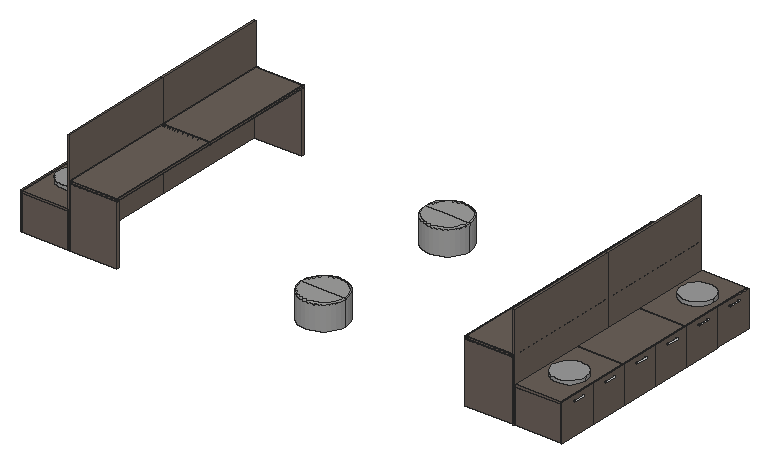
Revit family "T200163", category Furniture, Revit 2018 (continued)
Definition of nested family "OFS ELEMENT OPEN L DESK LEFT AND RIGHT 84in Width 60in Return"
  Forms (in)
    Extrusion 13, solid, material <- "Paper Organizer Material", visible <- "Left Return Desk Option"
      sketch origin (0, 0, 0) x (1, 0, 0) y (0, 1, 0)
        loop
          line (-40.8125, -18.34375) -> (-40.8125, -75.96875) -> (-28.0625, -75.96875) -> (-28.0625, -18.34375) -> (-40.8125, -18.34375)
      from 39.75 to 40.5
    Extrusion 14, solid, material <- "Paper Organizer Material", visible <- "Left Return Desk Option"
      sketch origin (0, 0, 0) x (1, 0, 0) y (0, 1, 0)
        loop
          line (-40.8125, -18.34375) -> (-40.8125, -75.96875) -> (-28.0625, -75.96875) -> (-28.0625, -18.34375) -> (-40.8125, -18.34375)
      from 34.125 to 34.875
    Extrusion 15, solid, material <- "Paper Organizer Material", visible <- "Left Return Desk Option"
      sketch origin (0, 0, 0) x (1, 0, 0) y (0, 1, 0)
        loop
          line (-40.0625, -32.625) -> (-40.0625, -32.875) -> (-28.8125, -32.875) -> (-28.8125, -32.625) -> (-40.0625, -32.625)
      from 34.875 to 39.75
    Extrusion 16, solid, material <- "Paper Organizer Material", visible <- "Left Return Desk Option"
      sketch origin (0, -11.40625, 0) x (1, 0, 0) y (0, 1, 0)
        loop
          line (-40.0625, -35.625) -> (-40.0625, -35.875) -> (-28.8125, -35.875) -> (-28.8125, -35.625) -> (-40.0625, -35.625)
      from 34.875 to 39.75
    Extrusion 17, solid, material <- "Paper Organizer Material", visible <- "Left Return Desk Option"
      sketch origin (0, -22.8125, 0) x (1, 0, 0) y (0, 1, 0)
        loop
          line (-40.0625, -38.625) -> (-40.0625, -38.875) -> (-28.8125, -38.875) -> (-28.8125, -38.625) -> (-40.0625, -38.625)
      from 34.875 to 39.75
    Extrusion 18, solid, material <- "Chassis Material", visible <- "Right Return Desk Option"
      sketch origin (0, 0, 0) x (-1, 0, 0) y (0, -1, 0)
        loop
          line (-42, 17.15625) -> (-20, 17.15625) -> (-20, 18.34375) -> (-40.8125, 18.34375) -> (-40.8125, 75.96875) -> (-20, 75.96875) -> (-20, 77.15625) -> (-42, 77.15625) -> (-42, 17.15625)
      from 0 to 40.5
    Extrusion 19, solid, material <- "Worksurface Material", visible <- "Right Return Desk Option"
      sketch origin (-14.83926, -32.43958, 0) x (-1, 0, 0) y (0, -1, 0)
        loop
          line (-55.65176, -14.09583) -> (-34.83926, -14.09583) -> (-34.83926, 43.52917) -> (-55.65176, 43.52917) -> (-55.65176, -14.09583)
      from 28.5 to 29.5
    Extrusion 20, solid, material <- "Paper Organizer Material", visible <- "Right Return Desk Option"
      sketch origin (0, 0, 0) x (-1, 0, 0) y (0, -1, 0)
        loop
          line (-28.0625, 19.09375) -> (-40.0625, 19.09375) -> (-40.0625, 75.21875) -> (-28.0625, 75.21875) -> (-28.0625, 75.96875) -> (-40.8125, 75.96875) -> (-40.8125, 18.34375) -> (-28.0625, 18.34375) -> (-28.0625, 19.09375)
      from 34.125 to 40.5
    Extrusion 21, solid, material <- "Paper Organizer Material", visible <- "Right Return Desk Option"
      sketch origin (0, 0, 0) x (-1, 0, 0) y (0, -1, 0)
        loop
          line (-40.8125, 18.34375) -> (-28.0625, 18.34375) -> (-28.0625, 75.96875) -> (-40.8125, 75.96875) -> (-40.8125, 18.34375)
      from 39.75 to 40.5
    Extrusion 22, solid, material <- "Paper Organizer Material", visible <- "Right Return Desk Option"
      sketch origin (0, 0, 0) x (-1, 0, 0) y (0, -1, 0)
        loop
          line (-40.8125, 18.34375) -> (-28.0625, 18.34375) -> (-28.0625, 75.96875) -> (-40.8125, 75.96875) -> (-40.8125, 18.34375)
      from 34.125 to 34.875
    Extrusion 23, solid, material <- "Paper Organizer Material", visible <- "Right Return Desk Option"
      sketch origin (0, 0, 0) x (-1, 0, 0) y (0, -1, 0)
        loop
          line (-40.0625, 32.625) -> (-28.8125, 32.625) -> (-28.8125, 32.875) -> (-40.0625, 32.875) -> (-40.0625, 32.625)
      from 34.875 to 39.75
    Extrusion 24, solid, material <- "Paper Organizer Material", visible <- "Right Return Desk Option"
      sketch origin (0, -11.40625, 0) x (-1, 0, 0) y (0, -1, 0)
        loop
          line (-40.0625, 35.625) -> (-28.8125, 35.625) -> (-28.8125, 35.875) -> (-40.0625, 35.875) -> (-40.0625, 35.625)
      from 34.875 to 39.75
    Extrusion 25, solid, material <- "Paper Organizer Material", visible <- "Right Return Desk Option"
      sketch origin (0, -22.8125, 0) x (-1, 0, 0) y (0, -1, 0)
        loop
          line (-40.0625, 38.625) -> (-28.8125, 38.625) -> (-28.8125, 38.875) -> (-40.0625, 38.875) -> (-40.0625, 38.625)
      from 34.875 to 39.75
    Extrusion 26, solid, material <- "Worksurface Material", visible <- "Right Return Desk Option"
      sketch origin (0, 0, 0) x (-1, 0, 0) y (0, -1, 0)
        loop
          line (-36, -11.65625) -> (40.8125, -11.65625) -> (40.8125, 17.15625) -> (-42, 17.15625) -> (-42, -5.65625)
          arc (-42, -5.65625) -> (-40.24264, -9.89889) -> (-36, -11.65625) r 6
      from 28.5 to 29.5
    Extrusion 27, solid, material <- "Chassis Material", visible <- "Right Return Desk Option"
      sketch origin (0, 0, 0) x (-1, 0, 0) y (0, -1, 0)
        loop
          line (42, -12.84375) -> (42, 17.15625) -> (40.8125, 17.15625) -> (40.8125, -11.65625) -> (0, -11.65625) -> (0, -12.84375) -> (42, -12.84375)
      from 0 to 40.5
    Extrusion 28, solid, material <- "Transaction Shelf Material", visible <- "Right Return Desk Option"
      sketch origin (0, 0, 6) x (-1, 0, 0) y (0, -1, 0)
        loop
          line (0, -17.15625) -> (42, -17.15625) -> (42, -3.65625) -> (0, -3.65625) -> (0, -17.15625)
      from 37.875 to 39
    Extrusion 29, solid, material <- "Standoffs Material", visible <- "Right Return Desk Option"
      sketch origin (-44.5, 0, 0) x (-1, 0, 0) y (0, -1, 0)
        loop
          circle (-41.875, -10.04085) r 0.625
      from 40.5 to 43.875
    Extrusion 30, solid, material <- "Standoffs Material", visible <- "Right Return Desk Option"
      sketch origin (-44.5, -4.75, 0) x (-1, 0, 0) y (0, -1, 0)
        loop
          circle (-41.875, -10.04085) r 0.625
      from 40.5 to 43.875
    Extrusion 31, solid, material <- "Standoffs Material", visible <- "Right Return Desk Option"
      sketch origin (-66.75, 0, 0) x (-1, 0, 0) y (0, -1, 0)
        loop
          circle (-27.375, -10.04085) r 0.625
      from 40.5 to 43.875
    Extrusion 32, solid, material <- "Standoffs Material", visible <- "Right Return Desk Option"
      sketch origin (-66.75, -4.75, 0) x (-1, 0, 0) y (0, -1, 0)
        loop
          circle (-27.375, -10.04085) r 0.625
      from 40.5 to 43.875
    Extrusion 33, solid, material <- "Chassis Material", visible <- "Right Return Desk Option"
      sketch origin (18.5848, -3.95032, 0) x (-1, 0, 0) y (0, -1, 0)
        loop
          line (19.7723, -15.60657) -> (19.7723, -3.95032) -> (18.5848, -3.95032) -> (18.5848, -15.60657) -> (19.7723, -15.60657)
      from 0 to 28.5
    Extrusion 34, solid, material <- "Chassis Material", visible <- "Right Return Desk Option"
      sketch origin (0, 0, 6) x (-1, 0, 0) y (0, -1, 0)
        loop
          line (0, -11.65625) -> (40.8125, -11.65625) -> (40.8125, -3.65625) -> (0, -3.65625) -> (0, -11.65625)
      from 33.375 to 34.5
    Extrusion 35, solid, material <- "Desk Overlay Material", visible <- "Right Desk Ovelay"
      sketch origin (0, 0, 0) x (-1, 0, 0) y (0, 0, -1)
        loop
          line (35.5, -34) -> (35.5, -6.5) -> (6.5, -6.5) -> (6.5, -34) -> (35.5, -34)
      from -12.96875 to -12.84375
    Extrusion 36, solid, material <- "Worksurface Material", visible <- "Left Return Desk Option"
      sketch origin (0, 0, 0) x (1, 0, 0) y (0, 1, 0)
        loop
          arc (-36, 11.65625) -> (-40.24264, 9.89889) -> (-42, 5.65625) r 6
          line (-42, 5.65625) -> (-42, -17.15625) -> (40.8125, -17.15625) -> (40.8125, 11.65625) -> (-36, 11.65625)
      from 28.5 to 29.5
  Cuts and joins
    joined: Extrusion 12, Extrusion 13, Extrusion 14
    joined: Extrusion 20, Extrusion 21, Extrusion 22
  Dimensions and locks (in)
    equal spacing: plane 7 "Left External", plane 3 "Center Left/Right", plane 5 "Right External"
    "Width": plane 7 "Left External" to plane 5 "Right External"
    equal spacing: plane 6 "Front External", plane 1 "Center Front/Back", plane 4 "Back External"
    "Desk Depth": plane 4 "Back External" to plane 6 "Front External"
    plane 8 "Seat Height" to level = 29 1/2"
    "Height": plane 9 "Height" to level
    "Lateral Board Thickness": plane 7 "Left External" to plane 11
    "Lateral Board Thickness": plane 10 to plane 5 "Right External"
    "Base Depth": plane 12 to plane 6 "Front External"
    "Back Board Thickness": plane 12 to plane 13
    "Table Depth": plane 4 "Back External" to plane 14
    plane 15 to level = 40 1/2"
    "Bottom Board Offset": plane 19 to level
    "Table Supp from Lateral": plane 5 "Right External" to plane 20
    "Table Supp from Lateral": plane 21 to plane 3 "Center Left/Right"
    "Desk Overlay": plane 5 "Right External" to plane 22
    "Desk Overlay": plane 24 to plane 15
    "Desk Overlay": plane 19 to plane 23
    "Desk Overlay Thickness": plane 25 to plane 12
    "Depth": plane 4 "Back External" to plane 26
    "Return Worksurface Width": plane 7 "Left External" to plane 27
    "Return Worksurface Width": plane 28 to plane 5 "Right External"
    "Back Board Thickness": plane 29 to plane 26
    plane 7 "Left External" to plane 30 = 5"
    plane 31 to plane 5 "Right External" = 5"
    equal spacing: plane 34, plane 43, plane 32, plane 42, plane 29
    "Desk Overlay": plane 33 to plane 3 "Center Left/Right"
    "Back Board Thickness": plane 6 "Front External" to plane 34
    "Paper Organizer Board Thickness": plane 34 to plane 37
    "Paper Organizer Board Thickness": plane 11 to plane 36
    "Paper Organizer Board Thickness": plane 35 to plane 29
    "Paper Organizer Depth": plane 11 to plane 38
    "Paper Organizer Clearance": plane 39 to plane 8 "Seat Height"
    "Paper Organizer Board Thickness": plane 15 to plane 40
    "Paper Organizer Board Thickness": plane 41 to plane 39
    "Paper Organizer Board Thickness": plane 44 to plane 38
    "Return Worksurface Width": plane 5 "Right External" to plane 45
    plane 29 to plane 26 = 1 3/16"
    plane 5 "Right External" to plane 46 = 5"
    plane 34 to plane 50 to plane 32 to plane 49 to plane 29 = 14 13/32", 14 13/32", 14 13/32", 14 13/32"
    "Paper Organizer Board Thickness": plane 34 to plane 47
    plane 35 to plane 29 = 3/4"
    "Paper Organizer Depth": plane 10 to plane 48
    "Paper Organizer Board Thickness": plane 51 to plane 48
    "Table Supp from Lateral": plane 53 to plane 3 "Center Left/Right"
    "Table Supp from Lateral": plane 7 "Left External" to plane 52
    locked: plane 7 "Left External" to plane 54 at 6.5
    aligned and locked: level to plane 2
    aligned and locked: Extrusion 1 sketch curve to plane 12
    aligned and locked: plane 5 "Right External" to Extrusion 1 sketch curve
    aligned and locked: Extrusion 1 sketch curve to plane 13
    aligned and locked: Extrusion 1 to plane 19
    aligned and locked: Extrusion 2 to plane 18
    aligned and locked: plane 10 to Extrusion 2
    aligned and locked: Extrusion 2 to plane 13
    aligned and locked: Extrusion 2 to plane 14
    aligned and locked: Extrusion 3 to plane 14
    aligned and locked: Extrusion 3 to plane 4 "Back External"
    aligned and locked: Extrusion 3 to plane 9 "Height"
    aligned and locked: Extrusion 3 to plane 17
    aligned and locked: plane 5 "Right External" to Extrusion 3
    aligned and locked: Extrusion 8 sketch curve to plane 29
    aligned and locked: plane 27 to Extrusion 8 sketch curve
    aligned and locked: plane 26 to Extrusion 8 sketch curve
    aligned and locked: Extrusion 8 sketch curve to plane 6 "Front External"
    aligned and locked: plane 11 to Extrusion 9
    aligned and locked: Extrusion 9 to plane 27
    aligned and locked: Extrusion 9 to plane 29
    aligned and locked: Extrusion 8 to plane 19
    aligned and locked: plane 15 to Extrusion 8
    aligned and locked: Extrusion 3 to plane 3 "Center Left/Right"
    aligned and locked: Extrusion 2 to plane 3 "Center Left/Right"
    aligned and locked: Extrusion 10 to plane 33
    aligned and locked: Extrusion 10 to plane 22
    aligned and locked: Extrusion 8 sketch curve to plane 34
    aligned and locked: Extrusion 9 to Extrusion 8 sketch curve
    aligned and locked: Extrusion 9 to Extrusion 8
    aligned and locked: plane 37 to Extrusion 12 sketch curve
    aligned and locked: plane 36 to Extrusion 12 sketch curve
    aligned and locked: Extrusion 12 sketch curve to plane 35
    aligned and locked: Extrusion 12 sketch curve to Extrusion 8  (x3)
    aligned and locked: plane 38 to Extrusion 12 sketch curve  (x2)
    aligned and locked: plane 15 to Extrusion 12
    aligned and locked: Extrusion 12 to plane 39
    aligned and locked: Extrusion 13 sketch curve to Extrusion 8  (x2)
    aligned and locked: Extrusion 13 sketch curve to Extrusion 12  (x2)
    aligned and locked: Extrusion 13 to plane 40
    aligned and locked: plane 15 to Extrusion 13
    aligned and locked: Extrusion 14 sketch curve to Extrusion 8  (x2)
    aligned and locked: plane 29 to Extrusion 14 sketch curve
    aligned and locked: Extrusion 14 sketch curve to plane 38
    aligned and locked: Extrusion 14 to plane 39
    aligned and locked: plane 41 to Extrusion 14
    aligned and locked: Extrusion 15 to plane 41
    aligned and locked: Extrusion 16 to plane 41
    aligned and locked: Extrusion 17 to plane 41
    aligned and locked: plane 40 to Extrusion 15
    aligned and locked: plane 40 to Extrusion 16
    aligned and locked: plane 40 to Extrusion 17
    aligned and locked: plane 29 to Extrusion 18 sketch curve
    aligned and locked: plane 45 to Extrusion 18 sketch curve
    aligned and locked: Extrusion 18 sketch curve to plane 26
    aligned and locked: plane 45 to Extrusion 19
    aligned and locked: plane 29 to Extrusion 19
    aligned and locked: Extrusion 18 sketch curve to plane 34
    aligned and locked: Extrusion 19 to Extrusion 18 sketch curve
    aligned and locked: Extrusion 18 to Extrusion 19
    aligned and locked: Extrusion 20 sketch curve to plane 47
    aligned and locked: plane 35 to Extrusion 20 sketch curve
    aligned and locked: Extrusion 18 to Extrusion 20 sketch curve
    aligned and locked: Extrusion 20 sketch curve to Extrusion 18  (x2)
    aligned and locked: Extrusion 20 sketch curve to plane 48
    aligned and locked: plane 48 to Extrusion 20 sketch curve
    aligned and locked: Extrusion 21 sketch curve to Extrusion 18  (x2)
    aligned and locked: Extrusion 21 sketch curve to Extrusion 20  (x2)
    aligned and locked: Extrusion 22 sketch curve to Extrusion 18  (x2)
    aligned and locked: Extrusion 22 sketch curve to plane 29
    aligned and locked: plane 48 to Extrusion 22 sketch curve
    aligned and locked: Extrusion 26 to Extrusion 27 sketch curve
    aligned and locked: Extrusion 27 sketch curve to Extrusion 26
    aligned and locked: Extrusion 26 to Extrusion 33
    aligned and locked: plane 55 to Extrusion 35
    aligned and locked: plane 54 to Extrusion 35
  Automatic sketch dimensions
    Extrusion 1 sketch curve to plane 3 "Center Left/Right" = 0"
    plane 6 "Front External" to Extrusion 1 sketch curve = 0"
    Extrusion 1 sketch curve to plane 10 = 0"
    Extrusion 2 sketch curve to plane 3 "Center Left/Right" = 0"
    Extrusion 2 sketch curve to plane 10 = 0"
    Extrusion 2 sketch curve to plane 14 = 0"
    Extrusion 2 sketch curve to plane 13 = 0"
    Extrusion 3 sketch curve to plane 3 "Center Left/Right" = 0"
    Extrusion 3 sketch curve to plane 5 "Right External" = 0"
    Extrusion 3 sketch curve to plane 14 = 0"
    Extrusion 3 sketch curve to plane 4 "Back External" = 0"
    Extrusion 4 sketch curve to plane 21 = 0"
    Extrusion 4 sketch curve to plane 13 = 1.6154"
    Extrusion 5 sketch curve to plane 21 = 0"
    plane 14 to Extrusion 5 sketch curve = 1.6346"
    Extrusion 6 sketch curve to plane 20 = 0"
    Extrusion 6 sketch curve to plane 13 = 1.6154"
    Extrusion 7 sketch curve to plane 20 = 0"
    plane 14 to Extrusion 7 sketch curve = 1.6346"
    Extrusion 8 sketch curve to plane 7 "Left External" = 0"
    Extrusion 8 sketch curve to plane 11 = 0"
    Extrusion 9 sketch curve to plane 11 = 0"
    Extrusion 9 sketch curve to plane 27 = 0"
    Extrusion 9 sketch curve to plane 29 = 0"
    Extrusion 9 sketch curve to plane 34 = 0"
    Extrusion 10 sketch curve to plane 24 = 0"
    Extrusion 10 sketch curve to plane 33 = 0"
    plane 22 to Extrusion 10 sketch curve = 0"
    Extrusion 10 sketch curve to plane 23 = 0"
    Extrusion 11 sketch curve to plane 3 "Center Left/Right" = 0"
    plane 1 "Center Front/Back" to Extrusion 11 sketch curve = 0"
    Extrusion 11 sketch curve to plane 13 = 0"
    Extrusion 11 sketch curve to Extrusion 11 sketch curve = 1 3/16"
    Extrusion 12 sketch curve to plane 37 = 0"
    Extrusion 15 sketch curve to plane 36 = 0"
    Extrusion 15 sketch curve to plane 44 = 0"
    Extrusion 15 sketch curve to plane 43 = 1/8"
    plane 43 to Extrusion 15 sketch curve = 1/8"
    Extrusion 16 sketch curve to plane 36 = 0"
    Extrusion 16 sketch curve to plane 44 = 0"
    Extrusion 16 sketch curve to plane 32 = 1/8"
    plane 32 to Extrusion 16 sketch curve = 1/8"
    Extrusion 17 sketch curve to plane 36 = 0"
    Extrusion 17 sketch curve to plane 44 = 0"
    Extrusion 17 sketch curve to plane 42 = 1/8"
    plane 42 to Extrusion 17 sketch curve = 1/8"
    Extrusion 18 sketch curve to plane 5 "Right External" = 0"
    Extrusion 18 sketch curve to plane 10 = 0"
    Extrusion 18 sketch curve to plane 6 "Front External" = 0"
    Extrusion 19 sketch curve to plane 10 = 0"
    Extrusion 19 sketch curve to plane 28 = 0"
    Extrusion 19 sketch curve to plane 29 = 0"
    plane 34 to Extrusion 19 sketch curve = 0"
    plane 37 to Extrusion 20 sketch curve = 0"
    plane 20 to Extrusion 20 sketch curve = 11/16"
    Extrusion 23 sketch curve to plane 51 = 0"
    plane 43 to Extrusion 23 sketch curve = 1/8"
    Extrusion 23 sketch curve to plane 43 = 1/8"
    plane 20 to Extrusion 23 sketch curve = 11/16"
    Extrusion 24 sketch curve to plane 51 = 0"
    plane 32 to Extrusion 24 sketch curve = 1/8"
    Extrusion 24 sketch curve to plane 32 = 1/8"
    plane 20 to Extrusion 24 sketch curve = 11/16"
    Extrusion 25 sketch curve to plane 51 = 0"
    plane 42 to Extrusion 25 sketch curve = 1/8"
    Extrusion 25 sketch curve to plane 42 = 1/8"
    plane 20 to Extrusion 25 sketch curve = 11/16"
    Extrusion 26 sketch curve to plane 5 "Right External" = 0"
    Extrusion 26 sketch curve to plane 13 = 0"
    Extrusion 26 sketch curve to plane 11 = 0"
    Extrusion 26 sketch curve to plane 6 "Front External" = 0"
    plane 22 to Extrusion 26 sketch curve = 1/2"
    Extrusion 27 sketch curve to plane 3 "Center Left/Right" = 0"
    Extrusion 27 sketch curve to plane 7 "Left External" = 0"
    Extrusion 27 sketch curve to plane 13 = 0"
    Extrusion 27 sketch curve to plane 12 = 0"
    Extrusion 28 sketch curve to plane 3 "Center Left/Right" = 0"
    Extrusion 28 sketch curve to plane 7 "Left External" = 0"
    Extrusion 28 sketch curve to plane 4 "Back External" = 0"
    Extrusion 28 sketch curve to plane 14 = 0"
    Extrusion 29 sketch curve to plane 53 = 0"
    plane 13 to Extrusion 29 sketch curve = 1.6154"
    Extrusion 30 sketch curve to plane 53 = 0"
    Extrusion 30 sketch curve to plane 14 = 1.6346"
    Extrusion 31 sketch curve to plane 52 = 0"
    plane 13 to Extrusion 31 sketch curve = 1.6154"
    Extrusion 32 sketch curve to plane 52 = 0"
    Extrusion 32 sketch curve to plane 14 = 1.6346"
    Extrusion 33 sketch curve to plane 3 "Center Left/Right" = 0"
    plane 1 "Center Front/Back" to Extrusion 33 sketch curve = 0"
    Extrusion 33 sketch curve to plane 13 = 0"
    Extrusion 33 sketch curve to Extrusion 33 sketch curve = 1 3/16"
    Extrusion 34 sketch curve to plane 3 "Center Left/Right" = 0"
    Extrusion 34 sketch curve to plane 11 = 0"
    Extrusion 34 sketch curve to plane 13 = 0"
    Extrusion 34 sketch curve to plane 14 = 0"
    Extrusion 35 sketch curve to plane 24 = 0"
    plane 55 to Extrusion 35 sketch curve = 0"
    Extrusion 35 sketch curve to plane 23 = 0"
    plane 54 to Extrusion 35 sketch curve = 0"
    Extrusion 36 sketch curve to plane 7 "Left External" = 0"
    Extrusion 36 sketch curve to plane 13 = 0"
    Extrusion 36 sketch curve to plane 10 = 0"
    plane 6 "Front External" to Extrusion 36 sketch curve = 0"
    Extrusion 36 sketch curve to plane 54 = 1/2"
    radius of Extrusion 4 sketch curve = 5/8"
    radius of Extrusion 5 sketch curve = 5/8"
    radius of Extrusion 6 sketch curve = 5/8"
    radius of Extrusion 7 sketch curve = 5/8"
    radius of Extrusion 29 sketch curve = 5/8"
    radius of Extrusion 30 sketch curve = 5/8"
    radius of Extrusion 31 sketch curve = 5/8"
    radius of Extrusion 32 sketch curve = 5/8"
